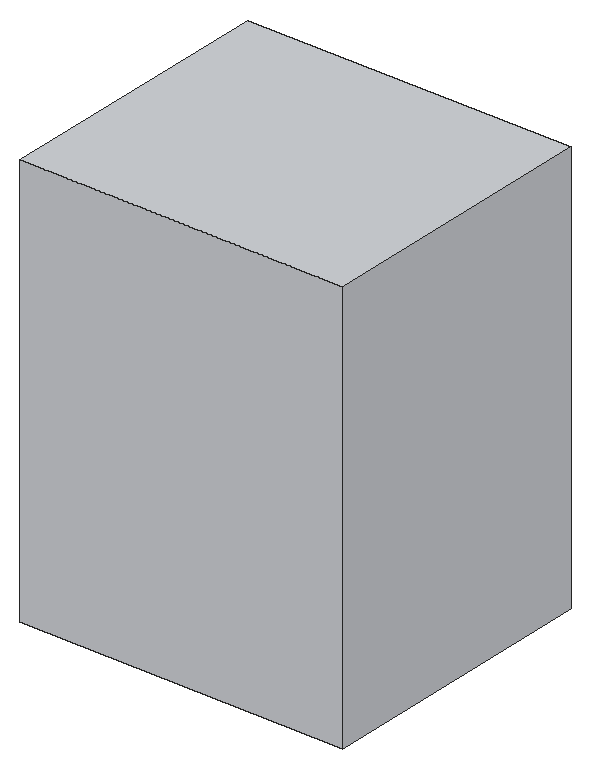
Revit family "Mechanical Shaft", category Generic Models, Revit 2018
Family settings
  Can host rebar = No
  Round Connector Dimension = Use Diameter
  Part Type = Normal
  Work Plane-Based = No
  Always vertical = Yes
  Cut with Voids When Loaded = No
  Shared = No
  Room Calculation Point = No
Parameters
  Shaft Width/2 [instance] = Shaft Width / 2  # 1' - 6 3/4"
  Shaft Width [instance] = 3' - 1 1/2"
  Shaft Length/2 [instance] = Shaft Length / 2  # 1' - 4 1/2"
  Shaft Length [instance] = 2' - 9"
Reference planes (in)
  plane 1 "Center (Front/Back)": y = 0
  plane 2: z = 0
  plane 3 "Center (Left/Right)": x = 0
Forms (in)
  Extrusion 1, solid
    sketch origin (0, 0, 0) x (1, 0, 0) y (0, 1, 0)
      loop
        line (-18.75, 16.5) -> (-18.75, -16.5) -> (18.75, -16.5) -> (18.75, 16.5) -> (-18.75, 16.5)
    from 0 to 48
Dimensions and locks (in)
  equal spacing: Extrusion 1 sketch curve, plane 1 "Center (Front/Back)", Extrusion 1 sketch curve
  "Shaft Width/2": Extrusion 1 sketch curve to plane 3 "Center (Left/Right)" to Extrusion 1 sketch curve
  "Shaft Width/2": Extrusion 1 to plane 3 "Center (Left/Right)" to Extrusion 1
  "Shaft Length/2": Extrusion 1 to plane 1 "Center (Front/Back)" to Extrusion 1
  aligned and locked: plane 2 to level
Automatic sketch dimensions
  Extrusion 1 sketch curve to plane 3 "Center (Left/Right)" = 1' - 6 3/4"
  plane 1 "Center (Front/Back)" to Extrusion 1 sketch curve = 1' - 4 1/2"
